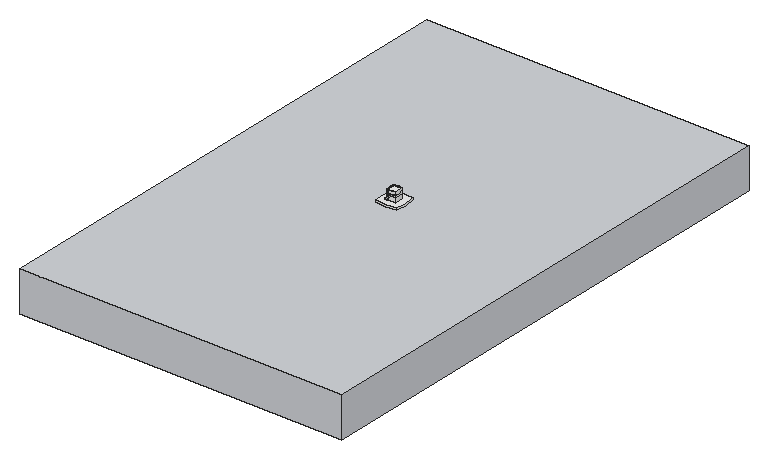
Revit family "Diverter-GROHE-Grandera-19939_Series", category Plumbing Fixtures, host Face, Revit 2014
Parameters (values of type "19939000")
  Width = 6 11/16"  # constant formula
  Waste Connection = no
  Warranty Documentation Link = "https://www.grohe.ca/en_ca/our-service/warranty/"
  WFU = 2  # constant formula
  Vent Connection = no
  URL = "https://www.grohe.com"
  Type Comments = ""
  Product Page URL = "https://www.grohe.ca/en_ca/grandera-dual-function-thermostatic-trim-with-control-module-19939000.html"
  Price = "Prices may vary. Please consult Manufacturer Representative for most up-to-date price list."  # constant formula
  Model = "19939000"
  Material = "Metal-Grohe-000-Chrome"
  Manufacturer = "Grohe"  # constant formula
  Length = 3 3/8"  # constant formula
  Installation Type = "Wall Mounted"  # constant formula
  Hot Water Connection Radius = Hot Water Connection Diameter / 2  # 1/4"
  Hot Water Connection Diameter = Cold Water Connection Diameter  # 1/2"
  Height = 6 11/16"  # constant formula
  HWFU = 1.5  # constant formula
  HW Connection = yes
  Finish = Metal-Grohe-000-Chrome
  Description = "GRANDERA Dual Function Thermostatic Trim with Control Module"  # constant formula
  Default Elevation = 40"  # constant formula
  Creation Date = "7/22/2019"  # constant formula
  Cold Water Connection Radius = 1/4"  # constant formula
  Cold Water Connection Diameter = Cold Water Connection Radius * 2  # 1/2"
  CWFU = 1.5  # constant formula
  CW Connection = yes
  Assembly Code = "D2010710"
  ADA Compliant = no
Types (2): name | Product Page URL | Model | Material | Finish
  19939000 | "https://www.grohe.ca/en_ca/grandera-dual-function-thermostatic-trim-with-control-module-19939000.html" | "19939000" | "Metal-Grohe-000-Chrome" | Metal-Grohe-000-Chrome
  19939EN0 | "https://www.grohe.ca/en_ca/grandera-dual-function-thermostatic-trim-with-control-module-19939EN0.html" | "19939EN0" | "Metal-Grohe-EN0-Brushed Nickel" | Metal-Grohe-EN0-Brushed Nickel
Reference planes (in)
  plane 1 "Center (Front/Back)": y = 0
  plane 2: z = 0
  plane 3 "Center (Left/Right)": x = 0
  plane 4: y = -40
  plane 5: z = 6.75
  plane 6: z = 0.5625
  plane 7: y = 3.34375
  plane 8: y = -3.34375
  plane 9: x = -3.34375
  plane 10: x = 3.34375
  plane 11: z = 3.375
  plane 12: z = 0.56445
  plane 13: y = 1.48787
  plane 14: y = 1.15974
Forms (in)
  Extrusion 1, solid
    sketch origin (0, 0, 0) x (1, 0, 0) y (0, 1, 0)
      loop
        line (-48, 72) -> (-48, -79.70833) -> (48, -79.70833) -> (48, 72) -> (-48, 72)
    from 0 to -12
  Extrusion 2, solid, material "Metal-Grohe-000-Chrome" <- "Finish"
    sketch origin (0, 0, 0) x (1, 0, 0) y (0, 1, 0)
      loop
        circle (-0.54724, 0) r 0.25
      loop
        circle (0.54724, 0) r 0.25
    from 0 to 0.0625
  Extrusion 3, solid, material "Metal-Grohe-000-Chrome" <- "Finish"
    sketch origin (0, 0, 0) x (1, 0, 0) y (0, 1, 0)
      loop
        arc (-3.05694, -3.05694) -> (0, -3.34375) -> (3.05694, -3.05694) r 16.43466
        arc (3.05694, -3.05694) -> (3.34375, 0) -> (3.05694, 3.05694) r 16.43466
        arc (3.05694, 3.05694) -> (0, 3.34375) -> (-3.05694, 3.05694) r 16.43466
        arc (-3.05694, 3.05694) -> (-3.34375, 0) -> (-3.05694, -3.05694) r 16.43466
    from 0 to 0.5625
  Sweep 4, solid, material "Metal-Grohe-000-Chrome" <- "Finish"
    path origin (0, 0, 0) x (1, 0, 0) y (0, 1, 0)
      loop
        arc (-1.25527, -1.25527) -> (0, -1.37304) -> (1.25527, -1.25527) r 6.74856
        arc (1.25527, -1.25527) -> (1.37304, 0) -> (1.25527, 1.25527) r 6.74856
        arc (1.25527, 1.25527) -> (0, 1.37304) -> (-1.25527, 1.25527) r 6.74856
        arc (-1.25527, 1.25527) -> (-1.37304, 0) -> (-1.25527, -1.25527) r 6.74856
    profile origin (0, -1.37304, 0) x (0, 1, 0) y (0, 0, 1)
      loop
        line (0.12542, 0) -> (0.12542, 3.27628) -> (0.05279, 3.27628) -> (0.05279, 3.375) -> (0, 3.375) -> (0, 2.54206) -> (0.03125, 2.54206) -> (0.03125, 2.51081) -> (0, 2.51081) -> (0, 1.91753) -> (0.03125, 1.91753) -> (0.03125, 1.88628) -> (0, 1.88628) -> (0, 0) -> (0.12542, 0)
  Blend 5, solid, material "Metal-Grohe-000-Chrome" <- "Finish"
    base sketch origin (0, 0, 0) x (1, 0, 0) y (0, 0, 1)
      loop
        arc (-0.14771, 2.36188) -> (-0.16404, 2.21417) -> (-0.14771, 2.06646) r 0.67628
        arc (-0.14771, 2.06646) -> (0, 2.05013) -> (0.14771, 2.06646) r 0.67628
        arc (0.14771, 2.06646) -> (0.16404, 2.21417) -> (0.14771, 2.36188) r 0.67628
        arc (0.14771, 2.36188) -> (0, 2.37821) -> (-0.14771, 2.36188) r 0.67628
    top sketch origin (0, 0, 0) x (1, 0, 0) y (0, 0, 1)
      loop
        arc (-0.10819, 2.32236) -> (-0.12015, 2.21417) -> (-0.10819, 2.10598) r 0.49535
        arc (-0.10819, 2.10598) -> (0, 2.09402) -> (0.10819, 2.10598) r 0.49535
        arc (0.10819, 2.10598) -> (0.12015, 2.21417) -> (0.10819, 2.32236) r 0.49535
        arc (0.10819, 2.32236) -> (0, 2.33432) -> (-0.10819, 2.32236) r 0.49535
    from 3.51645 to 1.25527
  Extrusion 6, solid, material "Metal-Grohe-000-Chrome" <- "Finish"
    sketch origin (0, 0, 0) x (1, 0, 0) y (0, 0, 1)
      loop
        arc (0.32147, 3.244) -> (-0.02127, 3.27155) -> (-0.364, 3.244) r 2.14579
        arc (-0.364, 3.244) -> (-0.39712, 2.95853) -> (-0.364, 2.67305) r 1.24676
        arc (-0.364, 2.67305) -> (-0.02127, 2.6455) -> (0.32147, 2.67305) r 2.14579
        arc (0.32147, 2.67305) -> (0.35459, 2.95853) -> (0.32147, 3.244) r 1.24676
    from -1.48787 to -1.15974
  Extrusion 7, solid, material "Metal-Grohe-000-Chrome" <- "Finish"
    sketch origin (0, 0, 0) x (1, 0, 0) y (0, 1, 0)
      loop
        arc (-1.21001, 1.21001) -> (-1.32025, 0) -> (-1.21001, -1.21001) r 6.69577
        arc (-1.21001, -1.21001) -> (0, -1.32025) -> (1.21001, -1.21001) r 6.69577
        arc (1.21001, -1.21001) -> (1.32025, 0) -> (1.21001, 1.21001) r 6.69577
        arc (1.21001, 1.21001) -> (0, 1.32025) -> (-1.21001, 1.21001) r 6.69577
    from 3.27628 to 3.375
Cuts and joins
  joined: Extrusion 2, Extrusion 3, Sweep 4, Blend 5, Extrusion 6
Lines and regions (in)
  Masking region 1
    outline origin (0, 0, 0) x (1, 0, 0) y (0, 0, 1)
      loop
        line (3.34375, 0) -> (3.34375, 0.5625) -> (1.37304, 0.5625) -> (1.37304, 1.88628) -> (1.34179, 1.88628) -> (1.34179, 1.91753) -> (1.37304, 1.91753) -> (1.37304, 2.51081) -> (1.34179, 2.51081) -> (1.34179, 2.54206) -> (1.37304, 2.54206) -> (1.37304, 3.375) -> (-1.37304, 3.375) -> (-1.37304, 2.54206) -> (-1.34179, 2.54206) -> (-1.34179, 2.51081) -> (-1.37304, 2.51081) -> (-1.37304, 1.91753) -> (-1.34179, 1.91753) -> (-1.34179, 1.88628) -> (-1.37304, 1.88628) -> (-1.37304, 0.5625) -> (-3.34375, 0.5625) -> (-3.34375, 0) -> (3.34375, 0)
  symbolic lines, detail levels fine
    curve 1: line (1.34179, 0, 2.51081) -> (-1.34179, 0, 2.51081)
    curve 2: line (1.34179, 0, 2.54206) -> (-1.34179, 0, 2.54206)
    curve 3: line (1.34179, 0, 1.91753) -> (-1.34179, 0, 1.91753)
    curve 4: line (1.34179, 0, 1.88628) -> (-1.34179, 0, 1.88628)
    curve 5: line (1.37304, 0, 0.5625) -> (-1.37304, 0, 0.5625)
    curve 6: arc (-0.364, 0, 3.244) -> (-0.02127, 0, 3.27155) -> (0.32147, 0, 3.244) r 2.14579
    curve 7: arc (0.32147, 0, 3.244) -> (0.35459, 0, 2.95853) -> (0.32147, 0, 2.67305) r 1.24676
    curve 8: arc (0.32147, 0, 2.67305) -> (-0.02127, 0, 2.6455) -> (-0.364, 0, 2.67305) r 2.14579
    curve 9: arc (-0.364, 0, 2.67305) -> (-0.39712, 0, 2.95853) -> (-0.364, 0, 3.244) r 1.24676
    curve 10: line (1.25527, 0, 3.375) -> (1.25527, 0, 2.54206)
    curve 11: line (1.2285, 0, 2.54206) -> (1.2285, 0, 2.51081)
    curve 12: line (1.25527, 0, 2.51081) -> (1.25527, 0, 1.91753)
    curve 13: line (1.2285, 0, 1.91753) -> (1.2285, 0, 1.88628)
    curve 14: line (1.25527, 0, 1.88628) -> (1.25527, 0, 0.5625)
    curve 15: line (-1.25527, 0, 0.5625) -> (-1.25527, 0, 1.88628)
    curve 16: line (-1.2285, 0, 1.88628) -> (-1.2285, 0, 1.91753)
    curve 17: line (-1.25527, 0, 1.91753) -> (-1.25527, 0, 2.51081)
    curve 18: line (-1.2285, 0, 2.51081) -> (-1.2285, 0, 2.54206)
    curve 19: line (-1.25527, 0, 2.54206) -> (-1.25527, 0, 3.375)
Dimensions and locks (in)
  plane 4 to plane 1 "Center (Front/Back)" = 40"
  plane 5 to Extrusion 1 = 6 3/4"
  plane 5 to level = 6 3/4"
  equal spacing: plane 7, plane 1 "Center (Front/Back)", plane 8
  "Height": plane 7 to plane 8
  plane 11 to Extrusion 1 = 3 3/8"
  plane 6 to Extrusion 1 = 9/16"
  Sweep 4 sketch curve to cut or joined group of Extrusion 2, Extrusion 3, Sweep 4, Blend 5, Extrusion 6 = 1.32378"
  "Height": plane 9 to plane 10
  "Hot Water Connection Diameter": diameter of Extrusion 2 sketch curve
  "Cold Water Connection Diameter": diameter of Extrusion 2 sketch curve
  aligned and locked: plane 2 to Extrusion 1
  aligned and locked: level to Extrusion 1
  aligned and locked: plane 6 to Extrusion 3
  aligned and locked: cut or joined group of Extrusion 2, Extrusion 3, Sweep 4, Blend 5, Extrusion 6 to Blend 5
  aligned and locked: Extrusion 6 to plane 13
  aligned and locked: plane 14 to Extrusion 6
  aligned and locked: Extrusion 7 sketch curve to cut or joined group of Extrusion 2, Extrusion 3, Sweep 4, Blend 5, Extrusion 6  (x4)
  aligned and locked: Extrusion 7 to cut or joined group of Extrusion 2, Extrusion 3, Sweep 4, Blend 5, Extrusion 6
  aligned and locked: cut or joined group of Extrusion 2, Extrusion 3, Sweep 4, Blend 5, Extrusion 6 to Extrusion 7
  aligned and locked: cut or joined group of Extrusion 2, Extrusion 3, Sweep 4, Blend 5, Extrusion 6 to curve 1
  aligned and locked: cut or joined group of Extrusion 2, Extrusion 3, Sweep 4, Blend 5, Extrusion 6 to curve 2
  aligned and locked: cut or joined group of Extrusion 2, Extrusion 3, Sweep 4, Blend 5, Extrusion 6 to curve 3
  aligned and locked: cut or joined group of Extrusion 2, Extrusion 3, Sweep 4, Blend 5, Extrusion 6 to curve 4
  aligned and locked: cut or joined group of Extrusion 2, Extrusion 3, Sweep 4, Blend 5, Extrusion 6 to curve 5
  aligned and locked: curve 6 to cut or joined group of Extrusion 2, Extrusion 3, Sweep 4, Blend 5, Extrusion 6
  aligned and locked: curve 7 to cut or joined group of Extrusion 2, Extrusion 3, Sweep 4, Blend 5, Extrusion 6
  aligned and locked: curve 8 to cut or joined group of Extrusion 2, Extrusion 3, Sweep 4, Blend 5, Extrusion 6
  aligned and locked: curve 9 to cut or joined group of Extrusion 2, Extrusion 3, Sweep 4, Blend 5, Extrusion 6
Automatic sketch dimensions
  Extrusion 1 sketch curve to Extrusion 1 sketch curve = 96"
  Extrusion 1 sketch curve to Extrusion 1 sketch curve = 151.70833"
  plane 1 "Center (Front/Back)" to Extrusion 2 sketch curve = 0"  (x2)
  Extrusion 2 sketch curve to plane 3 "Center (Left/Right)" = 0.54724"
  plane 1 "Center (Front/Back)" to Extrusion 3 sketch curve = 0"  (x2)
  Extrusion 3 sketch curve to plane 9 = 0.28681"
  plane 8 to Extrusion 3 sketch curve = 0.28681"  (x2)
  Extrusion 3 sketch curve to plane 3 "Center (Left/Right)" = 0"  (x2)
  plane 10 to Extrusion 3 sketch curve = 0.28681"
  plane 9 to Extrusion 3 sketch curve = 9.74716"
  Extrusion 3 sketch curve to plane 10 = 9.74716"
  plane 7 to Extrusion 3 sketch curve = 9.74716"
  Extrusion 3 sketch curve to plane 8 = 9.74716"
  plane 1 "Center (Front/Back)" to Sweep 4 sketch curve = 0"  (x2)
  Sweep 4 sketch curve to plane 3 "Center (Left/Right)" = 0"  (x2)
  plane 9 to Sweep 4 sketch curve = 2.03176"
  Sweep 4 sketch curve to plane 10 = 2.03176"
  Sweep 4 sketch curve to plane 8 = 2.03176"
  plane 7 to Sweep 4 sketch curve = 2.03176"
  plane 1 "Center (Front/Back)" to Sweep 4 sketch curve = 1.25527"  (x2)
  Blend 5 sketch curve to plane 3 "Center (Left/Right)" = 0"  (x4)
  Blend 5 sketch curve to plane 3 "Center (Left/Right)" = 0.51224"
  plane 3 "Center (Left/Right)" to Blend 5 sketch curve = 0.51224"
  plane 12 to Blend 5 sketch curve = 1.13748"
  Blend 5 sketch curve to Blend 5 sketch curve = 0.51224"  (x2)
  Blend 5 sketch curve to plane 11 = 0.64859"
  Blend 5 sketch curve to plane 3 "Center (Left/Right)" = 0.14771"  (x2)
  plane 3 "Center (Left/Right)" to Blend 5 sketch curve = 0.14771"
  Blend 5 sketch curve to Blend 5 sketch curve = 0.36453"
  Blend 5 sketch curve to plane 3 "Center (Left/Right)" = 0.37519"
  plane 3 "Center (Left/Right)" to Blend 5 sketch curve = 0.37519"
  plane 12 to Blend 5 sketch curve = 1.27452"
  Blend 5 sketch curve to Blend 5 sketch curve = 0.37519"  (x3)
  Blend 5 sketch curve to plane 3 "Center (Left/Right)" = 0.10819"  (x2)
  plane 3 "Center (Left/Right)" to Blend 5 sketch curve = 0.10819"
  Blend 5 sketch curve to Blend 5 sketch curve = 0.267"
  Extrusion 6 sketch curve to plane 3 "Center (Left/Right)" = 0.02127"  (x2)
  plane 12 to Extrusion 6 sketch curve = 0.56131"
  Extrusion 6 sketch curve to plane 11 = 0.41647"  (x2)
  plane 11 to Extrusion 6 sketch curve = 1.41629"
  Extrusion 6 sketch curve to plane 11 = 0.131"
  Extrusion 6 sketch curve to plane 3 "Center (Left/Right)" = 0.364"  (x2)
  plane 3 "Center (Left/Right)" to Extrusion 6 sketch curve = 0.32147"
  Sweep 4 sketch curve to profile plane = 0"  (x3)
  Sweep 4 sketch curve to level = 0"
  Sweep 4 sketch curve to Sweep 4 sketch curve = 1/32"  (x4)
  Sweep 4 sketch curve to profile plane = 0.05279"
  Sweep 4 sketch curve to Sweep 4 sketch curve = 0.07264"
  Sweep 4 sketch curve to Sweep 4 sketch curve = 0.59327"
  Sweep 4 sketch curve to Sweep 4 sketch curve = 0.73422"
  Sweep 4 sketch curve to Sweep 4 sketch curve = 0.09872"
  Sweep 4 sketch curve to plane 14 = 0.09553"
  Extrusion 6 sketch curve to Extrusion 6 sketch curve = 0.52818"  (x2)
  plane 3 "Center (Left/Right)" to Extrusion 2 sketch curve = 0.54724"
  Sweep 4 sketch curve to plane 3 "Center (Left/Right)" = 1.25527"
  plane 9 to Masking region 1 sketch curve = 0"
  Masking region 1 sketch curve to plane 6 = 0"  (x2)
  Masking region 1 sketch curve to plane 11 = 0"
  plane 10 to Masking region 1 sketch curve = 0"
  Masking region 1 sketch curve to level = 0"
  Masking region 1 sketch curve to plane 3 "Center (Left/Right)" = 1.37304"  (x2)
  Masking region 1 sketch curve to Masking region 1 sketch curve = 0"  (x4)
  Masking region 1 sketch curve to Masking region 1 sketch curve = 1/32"  (x7)
  plane 3 "Center (Left/Right)" to Masking region 1 sketch curve = 1.34179"
  plane 12 to Masking region 1 sketch curve = 1.32183"  (x2)
  Masking region 1 sketch curve to Masking region 1 sketch curve = 0.59327"  (x2)
  curve 19 to plane 11 = 0"
  curve 10 to plane 11 = 0"
  curve 18 to curve 7 = 0.33632"
  curve 18 to curve 16 = 0"
  curve 15 to plane 3 "Center (Left/Right)" = 1.25527"
  curve 19 to curve 7 = 0.3631"
  curve 17 to curve 18 = 0.02677"
  curve 3 to curve 17 = 0.08652"
  curve 2 to curve 19 = 0.08652"
  curve 3 to curve 4 = 0"  (x2)
  curve 2 to curve 1 = 0"  (x2)
  curve 5 to curve 15 = 0.11777"
  curve 9 to curve 11 = 0.37886"
  curve 11 to curve 13 = 0"
  curve 13 to curve 14 = 0.02677"
  curve 11 to curve 12 = 0.02677"
  curve 11 to curve 10 = 0.02677"
  curve 14 to curve 4 = 0.08652"
  curve 10 to curve 2 = 0.08652"
  curve 14 to curve 5 = 0.11777"
Connectors (in)
  piping at (-0.54724, 0, 0), diameter 0.5, driven by "Hot Water Connection Diameter"
    settings: on Extrusion 2, index 3, connector inside diameter 24", connector length 0", flow factor 0, pipe flow 0 GPM, pressure drop 0.00 psi, fitting loss kfactor 0, connector angle 0.00°, fixture units 0, engagement length 0", angle of deflection 0.00°, flow configuration 3, flow direction 1, fitting loss method 0, system type 19, joint type 0, gender type 0, connector reference index -1, connector utility 0, adjustable connector no, is connector primary yes, connector description "1/2\" NPT HW Inlet"
  piping at (0.54724, 0, 0), diameter 0.5, driven by "Cold Water Connection Diameter"
    settings: on Extrusion 2, index 4, connector inside diameter 24", connector length 0", flow factor 0, pipe flow 0 GPM, pressure drop 0.00 psi, fitting loss kfactor 0, connector angle 0.00°, fixture units 0, engagement length 0", angle of deflection 0.00°, flow configuration 3, flow direction 1, fitting loss method 0, system type 20, joint type 0, gender type 0, connector reference index -1, connector utility 0, adjustable connector no, is connector primary no, connector description "1/2\" NPT CW Inlet"
